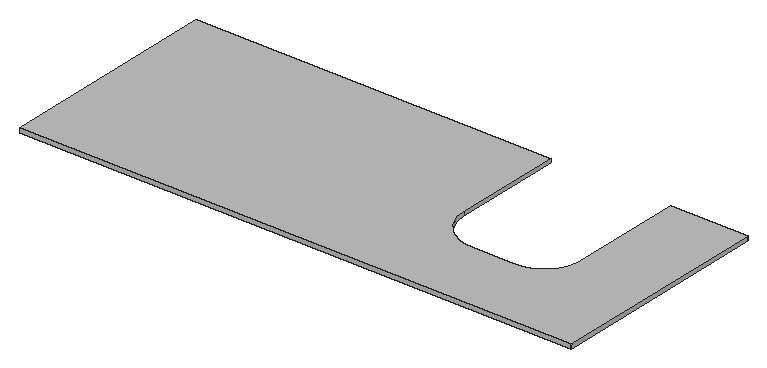
Revit family "console-hansgrohe-54206XXX-Xevolos E Console 1370_550 with cutout right for countertop basin ground 500_480", category Furniture, Revit 2019
Family settings
  OmniClass Number = 23.40.00.00
  OmniClass Title = Equipment and Furnishings
  Work Plane-Based = No
  Always vertical = Yes
  Cut with Voids When Loaded = No
  Shared = Yes
  Room Calculation Point = No
Parameters (values of type "54206-54206700-MATTE_WHITE-400")
  etim7_EC011381 = "EC011381"
  WEIGHT = "5.2"
  UNSPSC = "56 | Furniture and Furnishings"
  UNIFORMATII = "E2010 | Fixed Furnishings"
  UNICLASS_2015_CODE = "40_30_78_05"
  UNICLASS2015 = "Pr_40_20_76_94 | Vanity units"
  SURFACE = "MATTE_WHITE"
  SPECIFICATION = "https://pro.hansgrohe.com/articledetail--54206700"
  REGIONSET = "Worldwide"
  PRODUCTGROUP = "console"
  PRODUCTFAMILY = "Xevolos E"
  PERMALINK = "54206XXX"
  OMNICLASS = "23-19 31 17 11 | Bathroom Units"
  OBJECTTYPE = "Object (single object)"
  NN = "Console with cutout for countertop basin ground"
  NBSYN = "$BASENUMBER.-$ARTNR.-$SURFACE.-$LODLEVEL."
  NB = "54206-54206700-MATTE_WHITE-400"
  NAME = "Xevolos E Console 1370/550 with cutout right for countertop basin ground 500/480"
  Model = "54206-54206700-MATTE_WHITE-400"
  Manufacturer = "Hansgrohe"
  MIdent = "{$CADENAS_DATA/23d-libs/hansgrohe/xevolos_furniture/xevolos_console_cutout_for_countertop_basin_ground/console_with_cutout_for_countertop_basinground.prj},249 {VTYP=3D},{NB=54206-54206700-MATTE_WHITE-400},{LINA=54206-54206700-MATTE_WHITE-400},{NN=Console with cutout for countertop basin ground},{DATE=13.03.2023 11:42:46},{GEOMDATE=12.03.2023 06:46:48},{VERSION=},{LINEID=40},{WBVAR=LODLEVEL},{WBNUMERIC=}  {NB=54206-54206700-MATTE_WHITE-400},{LINA=54206-54206700-MATTE_WHITE-400},{KT=DUMMY},{IDNR=4},{ARTNR=54206700},{BASENUMBER=54206},{MODEL=54206XXX},{SURFACE=MATTE_WHITE},{L=1374},{LODLEVEL=400},{LODLEVELX='400','400','200','200'},{L1=300},{LL=1032},{NAME=Xevolos E Console 1370/550 with cutout right for countertop basin ground 500/480},{PERMALINK=54206XXX},{OBJECTTYPE=Object (single object)},{BIMOBJECT=Sanitary: Compound units},{PRODUCTFAMILY=Xevolos E},{PRODUCTGROUP=console},{WEIGHT=5.2},{DESCRIPTION=Xevolos E Console 1370/550 with cutout right for countertop basin ground 500/480},{SPECIFICATION=https://pro.hansgrohe.com/articledetail--54206700},{PRODUCTURL=0},{GTINCODE=0},{TENDERURL=0},{IFC=Furnishing element},{ETIM=EC011381 | Bathroom furniture set},{UNICLASS2015=Pr_40_20_76_94 | Vanity units},{OMNICLASS=23-19 31 17 11 | Bathroom Units},{MASTERFORMAT=12 35 30.23 | Bathroom Casework},{UNSPSC=56 | Furniture and Furnishings},{UNIFORMATII=E2010 | Fixed Furnishings},{REGIONSET=Worldwide},{DESIGN=Germany},{MANUFACTURER=Germany}"
  MASTERFORMAT = "12 35 30.23 | Bathroom Casework"
  LODLEVEL = "400"
  LL = 1032
  LINA = "54206-54206700-MATTE_WHITE-400"
  L1 = 300
  L = 1374
  IFC = "Furnishing element"
  IDNR = 4
  ETIM = "EC011381 | Bathroom furniture set"
  DESIGN = "Germany"
  CATALOG = "Hansgrohe"
  BIMOBJECT = "Sanitary: Compound units"
  BASENUMBER = "54206"
  ARTNR = "54206700"
  54206-54206780-SAND_MATT_BEIGE-400_RX0RY0RZ0TX0TY0TZ0_V = no
  54206-54206780-SAND_MATT_BEIGE-200_RX0RY0RZ0TX0TY0TZ0_V = no
  54206-54206760-SLATE_MATT_GREY-400_RX0RY0RZ0TX0TY0TZ0_V = no
  54206-54206760-SLATE_MATT_GREY-200_RX0RY0RZ0TX0TY0TZ0_V = no
  54206-54206700-MATTE_WHITE-400_RX0RY0RZ0TX0TY0TZ0_V = yes
  54206-54206700-MATTE_WHITE-200_RX0RY0RZ0TX0TY0TZ0_V = no
Types (6, lengths in mm): name | SURFACE | NB | Model | MIdent | LODLEVEL | LINA | IDNR | ARTNR | 54206-54206780-SAND_MATT_BEIGE-400_RX0RY0RZ0TX0TY0TZ0_V | 54206-54206780-SAND_MATT_BEIGE-200_RX0RY0RZ0TX0TY0TZ0_V | 54206-54206760-SLATE_MATT_GREY-400_RX0RY0RZ0TX0TY0TZ0_V | 54206-54206760-SLATE_MATT_GREY-200_RX0RY0RZ0TX0TY0TZ0_V | 54206-54206700-MATTE_WHITE-400_RX0RY0RZ0TX0TY0TZ0_V | 54206-54206700-MATTE_WHITE-200_RX0RY0RZ0TX0TY0TZ0_V
  54206-54206700-MATTE_WHITE-200 | "MATTE_WHITE" | "54206-54206700-MATTE_WHITE-200" | "54206-54206700-MATTE_WHITE-200" | "{$CADENAS_DATA/23d-libs/hansgrohe/xevolos_furniture/xevolos_console_cutout_for_countertop_basin_ground/console_with_cutout_for_countertop_basinground.prj},249 {VTYP=3D},{NB=54206-54206700-MATTE_WHITE-200},{LINA=54206-54206700-MATTE_WHITE-200},{NN=Console with cutout for countertop basin ground},{DATE=13.03.2023 11:42:46},{GEOMDATE=12.03.2023 06:46:48},{VERSION=},{LINEID=40},{WBVAR=LODLEVEL},{WBNUMERIC=}  {NB=54206-54206700-MATTE_WHITE-200},{LINA=54206-54206700-MATTE_WHITE-200},{KT=DUMMY},{IDNR=4},{ARTNR=54206700},{BASENUMBER=54206},{MODEL=54206XXX},{SURFACE=MATTE_WHITE},{L=1374},{LODLEVEL=200},{LODLEVELX='400','400','200','200'},{L1=300},{LL=1032},{NAME=Xevolos E Console 1370/550 with cutout right for countertop basin ground 500/480},{PERMALINK=54206XXX},{OBJECTTYPE=Object (single object)},{BIMOBJECT=Sanitary: Compound units},{PRODUCTFAMILY=Xevolos E},{PRODUCTGROUP=console},{WEIGHT=5.2},{DESCRIPTION=Xevolos E Console 1370/550 with cutout right for countertop basin ground 500/480},{SPECIFICATION=https://pro.hansgrohe.com/articledetail--54206700},{PRODUCTURL=0},{GTINCODE=0},{TENDERURL=0},{IFC=Furnishing element},{ETIM=EC011381 | Bathroom furniture set},{UNICLASS2015=Pr_40_20_76_94 | Vanity units},{OMNICLASS=23-19 31 17 11 | Bathroom Units},{MASTERFORMAT=12 35 30.23 | Bathroom Casework},{UNSPSC=56 | Furniture and Furnishings},{UNIFORMATII=E2010 | Fixed Furnishings},{REGIONSET=Worldwide},{DESIGN=Germany},{MANUFACTURER=Germany}" | "200" | "54206-54206700-MATTE_WHITE-200" | 4 | "54206700" | no | no | no | no | no | yes
  54206-54206700-MATTE_WHITE-400 | "MATTE_WHITE" | "54206-54206700-MATTE_WHITE-400" | "54206-54206700-MATTE_WHITE-400" | "{$CADENAS_DATA/23d-libs/hansgrohe/xevolos_furniture/xevolos_console_cutout_for_countertop_basin_ground/console_with_cutout_for_countertop_basinground.prj},249 {VTYP=3D},{NB=54206-54206700-MATTE_WHITE-400},{LINA=54206-54206700-MATTE_WHITE-400},{NN=Console with cutout for countertop basin ground},{DATE=13.03.2023 11:42:46},{GEOMDATE=12.03.2023 06:46:48},{VERSION=},{LINEID=40},{WBVAR=LODLEVEL},{WBNUMERIC=}  {NB=54206-54206700-MATTE_WHITE-400},{LINA=54206-54206700-MATTE_WHITE-400},{KT=DUMMY},{IDNR=4},{ARTNR=54206700},{BASENUMBER=54206},{MODEL=54206XXX},{SURFACE=MATTE_WHITE},{L=1374},{LODLEVEL=400},{LODLEVELX='400','400','200','200'},{L1=300},{LL=1032},{NAME=Xevolos E Console 1370/550 with cutout right for countertop basin ground 500/480},{PERMALINK=54206XXX},{OBJECTTYPE=Object (single object)},{BIMOBJECT=Sanitary: Compound units},{PRODUCTFAMILY=Xevolos E},{PRODUCTGROUP=console},{WEIGHT=5.2},{DESCRIPTION=Xevolos E Console 1370/550 with cutout right for countertop basin ground 500/480},{SPECIFICATION=https://pro.hansgrohe.com/articledetail--54206700},{PRODUCTURL=0},{GTINCODE=0},{TENDERURL=0},{IFC=Furnishing element},{ETIM=EC011381 | Bathroom furniture set},{UNICLASS2015=Pr_40_20_76_94 | Vanity units},{OMNICLASS=23-19 31 17 11 | Bathroom Units},{MASTERFORMAT=12 35 30.23 | Bathroom Casework},{UNSPSC=56 | Furniture and Furnishings},{UNIFORMATII=E2010 | Fixed Furnishings},{REGIONSET=Worldwide},{DESIGN=Germany},{MANUFACTURER=Germany}" | "400" | "54206-54206700-MATTE_WHITE-400" | 4 | "54206700" | no | no | no | no | yes | no
  54206-54206760-SLATE_MATT_GREY-200 | "SLATE_MATT_GREY" | "54206-54206760-SLATE_MATT_GREY-200" | "54206-54206760-SLATE_MATT_GREY-200" | "{$CADENAS_DATA/23d-libs/hansgrohe/xevolos_furniture/xevolos_console_cutout_for_countertop_basin_ground/console_with_cutout_for_countertop_basinground.prj},257 {VTYP=3D},{NB=54206-54206760-SLATE_MATT_GREY-200},{LINA=54206-54206760-SLATE_MATT_GREY-200},{NN=Console with cutout for countertop basin ground},{DATE=13.03.2023 11:42:46},{GEOMDATE=12.03.2023 06:46:48},{VERSION=},{LINEID=50},{WBVAR=LODLEVEL},{WBNUMERIC=}  {NB=54206-54206760-SLATE_MATT_GREY-200},{LINA=54206-54206760-SLATE_MATT_GREY-200},{KT=DUMMY},{IDNR=5},{ARTNR=54206760},{BASENUMBER=54206},{MODEL=54206XXX},{SURFACE=SLATE_MATT_GREY},{L=1374},{LODLEVEL=200},{LODLEVELX='400','400','200','200'},{L1=300},{LL=1032},{NAME=Xevolos E Console 1370/550 with cutout right for countertop basin ground 500/480},{PERMALINK=54206XXX},{OBJECTTYPE=Object (single object)},{BIMOBJECT=Sanitary: Compound units},{PRODUCTFAMILY=Xevolos E},{PRODUCTGROUP=console},{WEIGHT=5.2},{DESCRIPTION=Xevolos E Console 1370/550 with cutout right for countertop basin ground 500/480},{SPECIFICATION=https://pro.hansgrohe.com/articledetail--54206700},{PRODUCTURL=0},{GTINCODE=0},{TENDERURL=0},{IFC=Furnishing element},{ETIM=EC011381 | Bathroom furniture set},{UNICLASS2015=Pr_40_20_76_94 | Vanity units},{OMNICLASS=23-19 31 17 11 | Bathroom Units},{MASTERFORMAT=12 35 30.23 | Bathroom Casework},{UNSPSC=56 | Furniture and Furnishings},{UNIFORMATII=E2010 | Fixed Furnishings},{REGIONSET=Worldwide},{DESIGN=Germany},{MANUFACTURER=Germany}" | "200" | "54206-54206760-SLATE_MATT_GREY-200" | 5 | "54206760" | no | no | no | yes | no | no
  54206-54206760-SLATE_MATT_GREY-400 | "SLATE_MATT_GREY" | "54206-54206760-SLATE_MATT_GREY-400" | "54206-54206760-SLATE_MATT_GREY-400" | "{$CADENAS_DATA/23d-libs/hansgrohe/xevolos_furniture/xevolos_console_cutout_for_countertop_basin_ground/console_with_cutout_for_countertop_basinground.prj},257 {VTYP=3D},{NB=54206-54206760-SLATE_MATT_GREY-400},{LINA=54206-54206760-SLATE_MATT_GREY-400},{NN=Console with cutout for countertop basin ground},{DATE=13.03.2023 11:42:46},{GEOMDATE=12.03.2023 06:46:48},{VERSION=},{LINEID=50},{WBVAR=LODLEVEL},{WBNUMERIC=}  {NB=54206-54206760-SLATE_MATT_GREY-400},{LINA=54206-54206760-SLATE_MATT_GREY-400},{KT=DUMMY},{IDNR=5},{ARTNR=54206760},{BASENUMBER=54206},{MODEL=54206XXX},{SURFACE=SLATE_MATT_GREY},{L=1374},{LODLEVEL=400},{LODLEVELX='400','400','200','200'},{L1=300},{LL=1032},{NAME=Xevolos E Console 1370/550 with cutout right for countertop basin ground 500/480},{PERMALINK=54206XXX},{OBJECTTYPE=Object (single object)},{BIMOBJECT=Sanitary: Compound units},{PRODUCTFAMILY=Xevolos E},{PRODUCTGROUP=console},{WEIGHT=5.2},{DESCRIPTION=Xevolos E Console 1370/550 with cutout right for countertop basin ground 500/480},{SPECIFICATION=https://pro.hansgrohe.com/articledetail--54206700},{PRODUCTURL=0},{GTINCODE=0},{TENDERURL=0},{IFC=Furnishing element},{ETIM=EC011381 | Bathroom furniture set},{UNICLASS2015=Pr_40_20_76_94 | Vanity units},{OMNICLASS=23-19 31 17 11 | Bathroom Units},{MASTERFORMAT=12 35 30.23 | Bathroom Casework},{UNSPSC=56 | Furniture and Furnishings},{UNIFORMATII=E2010 | Fixed Furnishings},{REGIONSET=Worldwide},{DESIGN=Germany},{MANUFACTURER=Germany}" | "400" | "54206-54206760-SLATE_MATT_GREY-400" | 5 | "54206760" | no | no | yes | no | no | no
  54206-54206780-SAND_MATT_BEIGE-200 | "SAND_MATT_BEIGE" | "54206-54206780-SAND_MATT_BEIGE-200" | "54206-54206780-SAND_MATT_BEIGE-200" | "{$CADENAS_DATA/23d-libs/hansgrohe/xevolos_furniture/xevolos_console_cutout_for_countertop_basin_ground/console_with_cutout_for_countertop_basinground.prj},257 {VTYP=3D},{NB=54206-54206780-SAND_MATT_BEIGE-200},{LINA=54206-54206780-SAND_MATT_BEIGE-200},{NN=Console with cutout for countertop basin ground},{DATE=13.03.2023 11:42:46},{GEOMDATE=12.03.2023 06:46:48},{VERSION=},{LINEID=60},{WBVAR=LODLEVEL},{WBNUMERIC=}  {NB=54206-54206780-SAND_MATT_BEIGE-200},{LINA=54206-54206780-SAND_MATT_BEIGE-200},{KT=DUMMY},{IDNR=6},{ARTNR=54206780},{BASENUMBER=54206},{MODEL=54206XXX},{SURFACE=SAND_MATT_BEIGE},{L=1374},{LODLEVEL=200},{LODLEVELX='400','400','200','200'},{L1=300},{LL=1032},{NAME=Xevolos E Console 1370/550 with cutout right for countertop basin ground 500/480},{PERMALINK=54206XXX},{OBJECTTYPE=Object (single object)},{BIMOBJECT=Sanitary: Compound units},{PRODUCTFAMILY=Xevolos E},{PRODUCTGROUP=console},{WEIGHT=5.2},{DESCRIPTION=Xevolos E Console 1370/550 with cutout right for countertop basin ground 500/480},{SPECIFICATION=https://pro.hansgrohe.com/articledetail--54206700},{PRODUCTURL=0},{GTINCODE=0},{TENDERURL=0},{IFC=Furnishing element},{ETIM=EC011381 | Bathroom furniture set},{UNICLASS2015=Pr_40_20_76_94 | Vanity units},{OMNICLASS=23-19 31 17 11 | Bathroom Units},{MASTERFORMAT=12 35 30.23 | Bathroom Casework},{UNSPSC=56 | Furniture and Furnishings},{UNIFORMATII=E2010 | Fixed Furnishings},{REGIONSET=Worldwide},{DESIGN=Germany},{MANUFACTURER=Germany}" | "200" | "54206-54206780-SAND_MATT_BEIGE-200" | 6 | "54206780" | no | yes | no | no | no | no
  54206-54206780-SAND_MATT_BEIGE-400 | "SAND_MATT_BEIGE" | "54206-54206780-SAND_MATT_BEIGE-400" | "54206-54206780-SAND_MATT_BEIGE-400" | "{$CADENAS_DATA/23d-libs/hansgrohe/xevolos_furniture/xevolos_console_cutout_for_countertop_basin_ground/console_with_cutout_for_countertop_basinground.prj},257 {VTYP=3D},{NB=54206-54206780-SAND_MATT_BEIGE-400},{LINA=54206-54206780-SAND_MATT_BEIGE-400},{NN=Console with cutout for countertop basin ground},{DATE=13.03.2023 11:42:46},{GEOMDATE=12.03.2023 06:46:48},{VERSION=},{LINEID=60},{WBVAR=LODLEVEL},{WBNUMERIC=}  {NB=54206-54206780-SAND_MATT_BEIGE-400},{LINA=54206-54206780-SAND_MATT_BEIGE-400},{KT=DUMMY},{IDNR=6},{ARTNR=54206780},{BASENUMBER=54206},{MODEL=54206XXX},{SURFACE=SAND_MATT_BEIGE},{L=1374},{LODLEVEL=400},{LODLEVELX='400','400','200','200'},{L1=300},{LL=1032},{NAME=Xevolos E Console 1370/550 with cutout right for countertop basin ground 500/480},{PERMALINK=54206XXX},{OBJECTTYPE=Object (single object)},{BIMOBJECT=Sanitary: Compound units},{PRODUCTFAMILY=Xevolos E},{PRODUCTGROUP=console},{WEIGHT=5.2},{DESCRIPTION=Xevolos E Console 1370/550 with cutout right for countertop basin ground 500/480},{SPECIFICATION=https://pro.hansgrohe.com/articledetail--54206700},{PRODUCTURL=0},{GTINCODE=0},{TENDERURL=0},{IFC=Furnishing element},{ETIM=EC011381 | Bathroom furniture set},{UNICLASS2015=Pr_40_20_76_94 | Vanity units},{OMNICLASS=23-19 31 17 11 | Bathroom Units},{MASTERFORMAT=12 35 30.23 | Bathroom Casework},{UNSPSC=56 | Furniture and Furnishings},{UNIFORMATII=E2010 | Fixed Furnishings},{REGIONSET=Worldwide},{DESIGN=Germany},{MANUFACTURER=Germany}" | "400" | "54206-54206780-SAND_MATT_BEIGE-400" | 6 | "54206780" | yes | no | no | no | no | no
Reference planes
  plane 1 "Center (Front/Back)": y = 0
  plane 2: z = 0
  plane 3 "Center (Left/Right)": x = 0
Dimensions and locks
  aligned and locked: level to plane 2
Nested families
  nested 1: "54206-54206700-matte_white-200_content" at (0, 0, 0), visible <- "54206-54206700-MATTE_WHITE-200_RX0RY0RZ0TX0TY0TZ0_V", ContentVisible <- "54206-54206700-MATTE_WHITE-200_RX0RY0RZ0TX0TY0TZ0_V", type "54206-54206700-MATTE_WHITE-200_Content"
    with ContentVisible no
  nested 2: "54206-54206700-matte_white-400_content" at (0, 0, 0), visible <- "54206-54206700-MATTE_WHITE-400_RX0RY0RZ0TX0TY0TZ0_V", ContentVisible <- "54206-54206700-MATTE_WHITE-400_RX0RY0RZ0TX0TY0TZ0_V", type "54206-54206700-MATTE_WHITE-400_Content"
    with ContentVisible yes
  nested 3: "54206-54206760-slate_matt_grey-200_content" at (0, 0, 0), visible <- "54206-54206760-SLATE_MATT_GREY-200_RX0RY0RZ0TX0TY0TZ0_V", ContentVisible <- "54206-54206760-SLATE_MATT_GREY-200_RX0RY0RZ0TX0TY0TZ0_V", type "54206-54206760-SLATE_MATT_GREY-200_Content"
    with ContentVisible no
  nested 4: "54206-54206760-slate_matt_grey-400_content" at (0, 0, 0), visible <- "54206-54206760-SLATE_MATT_GREY-400_RX0RY0RZ0TX0TY0TZ0_V", ContentVisible <- "54206-54206760-SLATE_MATT_GREY-400_RX0RY0RZ0TX0TY0TZ0_V", type "54206-54206760-SLATE_MATT_GREY-400_Content"
    with ContentVisible no
  nested 5: "54206-54206780-sand_matt_beige-200_content" at (0, 0, 0), visible <- "54206-54206780-SAND_MATT_BEIGE-200_RX0RY0RZ0TX0TY0TZ0_V", ContentVisible <- "54206-54206780-SAND_MATT_BEIGE-200_RX0RY0RZ0TX0TY0TZ0_V", type "54206-54206780-SAND_MATT_BEIGE-200_Content"
    with ContentVisible no
  nested 6: "54206-54206780-sand_matt_beige-400_content" at (0, 0, 0), visible <- "54206-54206780-SAND_MATT_BEIGE-400_RX0RY0RZ0TX0TY0TZ0_V", ContentVisible <- "54206-54206780-SAND_MATT_BEIGE-400_RX0RY0RZ0TX0TY0TZ0_V", type "54206-54206780-SAND_MATT_BEIGE-400_Content"
    with ContentVisible no
Definition of nested family "54206-54206700-matte_white-400_content"
  Parameters (values of type "54206-54206700-MATTE_WHITE-400_Content")
    etim7_EC011381 = "EC011381"
    WEIGHT = "5.2"
    UNSPSC = "56 | Furniture and Furnishings"
    UNIFORMATII = "E2010 | Fixed Furnishings"
    UNICLASS_2015_CODE = "40_30_78_05"
    UNICLASS2015 = "Pr_40_20_76_94 | Vanity units"
    SURFACE = "MATTE_WHITE"
    SPECIFICATION = "https://pro.hansgrohe.com/articledetail--54206700"
    REGIONSET = "Worldwide"
    PRODUCTGROUP = "console"
    PRODUCTFAMILY = "Xevolos E"
    PERMALINK = "54206XXX"
    OMNICLASS = "23-19 31 17 11 | Bathroom Units"
    OBJECTTYPE = "Object (single object)"
    NN = "Console with cutout for countertop basin ground"
    NBSYN = "$BASENUMBER.-$ARTNR.-$SURFACE.-$LODLEVEL."
    NB = "54206-54206700-MATTE_WHITE-400"
    NAME = "Xevolos E Console 1370/550 with cutout right for countertop basin ground 500/480"
    Model = "54206-54206700-MATTE_WHITE-400"
    Manufacturer = "Hansgrohe"
    MASTERFORMAT = "12 35 30.23 | Bathroom Casework"
    LODLEVEL = "400"
    LL = 1032
    LINA = "54206-54206700-MATTE_WHITE-400"
    L1 = 300
    L = 1374
    IFC = "Furnishing element"
    IDNR = 4
    ETIM = "EC011381 | Bathroom furniture set"
    Default Elevation = 1219.2 mm
    DESIGN = "Germany"
    ContentVisible [instance] = yes
    CATALOG = "Hansgrohe"
    BIMOBJECT = "Sanitary: Compound units"
    BASENUMBER = "54206"
    ARTNR = "54206700"
  Reference planes
    plane 1 "Center (Front/Back)": y = 0
    plane 2: z = 0
    plane 3 "Center (Left/Right)": x = 0
  Forms (mm)
    Extrusion 1, solid, visible <- "ContentVisible", detail levels medium+fine
      sketch origin (0, 0, 0) x (1, 0, 0) y (0, 1, 0)
        loop
          line (-1032, -1.5) -> (-1032, -548.5)
          arc (-1032, -548.5) -> (-1031.561, -549.561) -> (-1030.5, -550) r 1.5
          line (-1030.5, -550) -> (340.5, -550)
          arc (340.5, -550) -> (341.561, -549.561) -> (342, -548.5) r 1.5
          line (342, -548.5) -> (342, -1.5)
          arc (342, -1.5) -> (341.561, -0.439) -> (340.5, 0) r 1.5
          line (340.5, 0) -> (150, 0) -> (150, -270)
          arc (150, -270) -> (120.711, -340.711) -> (50, -370) r 100
          line (50, -370) -> (-50, -370)
          arc (-50, -370) -> (-120.711, -340.711) -> (-150, -270) r 100
          line (-150, -270) -> (-150, 0) -> (-1030.5, 0)
          arc (-1030.5, 0) -> (-1031.561, -0.439) -> (-1032, -1.5) r 1.5
      from 0 to 10
    Extrusion 2, solid, visible <- "ContentVisible", detail levels coarse
      sketch origin (-345, -275, 0) x (1, 0, 0) y (0, 1, 0)
        loop
          line (-687, -275) -> (687, -275) -> (687, 275) -> (-687, 275) -> (-687, -275)
      from 0 to 10
  Dimensions and locks
    aligned and locked: level to plane 2
Definition of nested family "54206-54206700-matte_white-200_content"
  Parameters (values of type "54206-54206700-MATTE_WHITE-200_Content")
    etim7_EC011381 = "EC011381"
    WEIGHT = "5.2"
    UNSPSC = "56 | Furniture and Furnishings"
    UNIFORMATII = "E2010 | Fixed Furnishings"
    UNICLASS_2015_CODE = "40_30_78_05"
    UNICLASS2015 = "Pr_40_20_76_94 | Vanity units"
    SURFACE = "MATTE_WHITE"
    SPECIFICATION = "https://pro.hansgrohe.com/articledetail--54206700"
    REGIONSET = "Worldwide"
    PRODUCTGROUP = "console"
    PRODUCTFAMILY = "Xevolos E"
    PERMALINK = "54206XXX"
    OMNICLASS = "23-19 31 17 11 | Bathroom Units"
    OBJECTTYPE = "Object (single object)"
    NN = "Console with cutout for countertop basin ground"
    NBSYN = "$BASENUMBER.-$ARTNR.-$SURFACE.-$LODLEVEL."
    NB = "54206-54206700-MATTE_WHITE-200"
    NAME = "Xevolos E Console 1370/550 with cutout right for countertop basin ground 500/480"
    Model = "54206-54206700-MATTE_WHITE-200"
    Manufacturer = "Hansgrohe"
    MASTERFORMAT = "12 35 30.23 | Bathroom Casework"
    LODLEVEL = "200"
    LL = 1032
    LINA = "54206-54206700-MATTE_WHITE-200"
    L1 = 300
    L = 1374
    IFC = "Furnishing element"
    IDNR = 4
    ETIM = "EC011381 | Bathroom furniture set"
    Default Elevation = 1219.2 mm
    DESIGN = "Germany"
    ContentVisible [instance] = yes
    CATALOG = "Hansgrohe"
    BIMOBJECT = "Sanitary: Compound units"
    BASENUMBER = "54206"
    ARTNR = "54206700"
  Reference planes
    plane 1 "Center (Front/Back)": y = 0
    plane 2: z = 0
    plane 3 "Center (Left/Right)": x = 0
  Forms (mm)
    Extrusion 1, solid, visible <- "ContentVisible", detail levels medium+fine
      sketch origin (0, 0, 0) x (1, 0, 0) y (0, 1, 0)
        loop
          line (-1032, 0) -> (-1032, -550) -> (342, -550) -> (342, 0) -> (150, 0) -> (150, -460) -> (-150, -460) -> (-150, 0) -> (-1032, 0)
      from 0 to 10
    Extrusion 2, solid, visible <- "ContentVisible", detail levels coarse
      sketch origin (-345, -275, 0) x (1, 0, 0) y (0, 1, 0)
        loop
          line (-687, -275) -> (687, -275) -> (687, 275) -> (-687, 275) -> (-687, -275)
      from 0 to 10
  Dimensions and locks
    aligned and locked: level to plane 2
Definition of nested family "54206-54206760-slate_matt_grey-200_content"
  Parameters (values of type "54206-54206760-SLATE_MATT_GREY-200_Content")
    etim7_EC011381 = "EC011381"
    WEIGHT = "5.2"
    UNSPSC = "56 | Furniture and Furnishings"
    UNIFORMATII = "E2010 | Fixed Furnishings"
    UNICLASS_2015_CODE = "40_30_78_05"
    UNICLASS2015 = "Pr_40_20_76_94 | Vanity units"
    SURFACE = "SLATE_MATT_GREY"
    SPECIFICATION = "https://pro.hansgrohe.com/articledetail--54206700"
    REGIONSET = "Worldwide"
    PRODUCTGROUP = "console"
    PRODUCTFAMILY = "Xevolos E"
    PERMALINK = "54206XXX"
    OMNICLASS = "23-19 31 17 11 | Bathroom Units"
    OBJECTTYPE = "Object (single object)"
    NN = "Console with cutout for countertop basin ground"
    NBSYN = "$BASENUMBER.-$ARTNR.-$SURFACE.-$LODLEVEL."
    NB = "54206-54206760-SLATE_MATT_GREY-200"
    NAME = "Xevolos E Console 1370/550 with cutout right for countertop basin ground 500/480"
    Model = "54206-54206760-SLATE_MATT_GREY-200"
    Manufacturer = "Hansgrohe"
    MASTERFORMAT = "12 35 30.23 | Bathroom Casework"
    LODLEVEL = "200"
    LL = 1032
    LINA = "54206-54206760-SLATE_MATT_GREY-200"
    L1 = 300
    L = 1374
    IFC = "Furnishing element"
    IDNR = 5
    ETIM = "EC011381 | Bathroom furniture set"
    Default Elevation = 1219.2 mm
    DESIGN = "Germany"
    ContentVisible [instance] = yes
    CATALOG = "Hansgrohe"
    BIMOBJECT = "Sanitary: Compound units"
    BASENUMBER = "54206"
    ARTNR = "54206760"
  Reference planes
    plane 1 "Center (Front/Back)": y = 0
    plane 2: z = 0
    plane 3 "Center (Left/Right)": x = 0
  Forms (mm)
    Extrusion 1, solid, visible <- "ContentVisible", detail levels medium+fine
      sketch origin (0, 0, 0) x (1, 0, 0) y (0, 1, 0)
        loop
          line (-1032, 0) -> (-1032, -550) -> (342, -550) -> (342, 0) -> (150, 0) -> (150, -460) -> (-150, -460) -> (-150, 0) -> (-1032, 0)
      from 0 to 10
    Extrusion 2, solid, visible <- "ContentVisible", detail levels coarse
      sketch origin (-345, -275, 0) x (1, 0, 0) y (0, 1, 0)
        loop
          line (-687, -275) -> (687, -275) -> (687, 275) -> (-687, 275) -> (-687, -275)
      from 0 to 10
  Dimensions and locks
    aligned and locked: level to plane 2
Definition of nested family "54206-54206760-slate_matt_grey-400_content"
  Parameters (values of type "54206-54206760-SLATE_MATT_GREY-400_Content")
    etim7_EC011381 = "EC011381"
    WEIGHT = "5.2"
    UNSPSC = "56 | Furniture and Furnishings"
    UNIFORMATII = "E2010 | Fixed Furnishings"
    UNICLASS_2015_CODE = "40_30_78_05"
    UNICLASS2015 = "Pr_40_20_76_94 | Vanity units"
    SURFACE = "SLATE_MATT_GREY"
    SPECIFICATION = "https://pro.hansgrohe.com/articledetail--54206700"
    REGIONSET = "Worldwide"
    PRODUCTGROUP = "console"
    PRODUCTFAMILY = "Xevolos E"
    PERMALINK = "54206XXX"
    OMNICLASS = "23-19 31 17 11 | Bathroom Units"
    OBJECTTYPE = "Object (single object)"
    NN = "Console with cutout for countertop basin ground"
    NBSYN = "$BASENUMBER.-$ARTNR.-$SURFACE.-$LODLEVEL."
    NB = "54206-54206760-SLATE_MATT_GREY-400"
    NAME = "Xevolos E Console 1370/550 with cutout right for countertop basin ground 500/480"
    Model = "54206-54206760-SLATE_MATT_GREY-400"
    Manufacturer = "Hansgrohe"
    MASTERFORMAT = "12 35 30.23 | Bathroom Casework"
    LODLEVEL = "400"
    LL = 1032
    LINA = "54206-54206760-SLATE_MATT_GREY-400"
    L1 = 300
    L = 1374
    IFC = "Furnishing element"
    IDNR = 5
    ETIM = "EC011381 | Bathroom furniture set"
    Default Elevation = 1219.2 mm
    DESIGN = "Germany"
    ContentVisible [instance] = yes
    CATALOG = "Hansgrohe"
    BIMOBJECT = "Sanitary: Compound units"
    BASENUMBER = "54206"
    ARTNR = "54206760"
  Reference planes
    plane 1 "Center (Front/Back)": y = 0
    plane 2: z = 0
    plane 3 "Center (Left/Right)": x = 0
  Forms (mm)
    Extrusion 1, solid, visible <- "ContentVisible", detail levels medium+fine
      sketch origin (0, 0, 0) x (1, 0, 0) y (0, 1, 0)
        loop
          line (-1032, -1.5) -> (-1032, -548.5)
          arc (-1032, -548.5) -> (-1031.561, -549.561) -> (-1030.5, -550) r 1.5
          line (-1030.5, -550) -> (340.5, -550)
          arc (340.5, -550) -> (341.561, -549.561) -> (342, -548.5) r 1.5
          line (342, -548.5) -> (342, -1.5)
          arc (342, -1.5) -> (341.561, -0.439) -> (340.5, 0) r 1.5
          line (340.5, 0) -> (150, 0) -> (150, -270)
          arc (150, -270) -> (120.711, -340.711) -> (50, -370) r 100
          line (50, -370) -> (-50, -370)
          arc (-50, -370) -> (-120.711, -340.711) -> (-150, -270) r 100
          line (-150, -270) -> (-150, 0) -> (-1030.5, 0)
          arc (-1030.5, 0) -> (-1031.561, -0.439) -> (-1032, -1.5) r 1.5
      from 0 to 10
    Extrusion 2, solid, visible <- "ContentVisible", detail levels coarse
      sketch origin (-345, -275, 0) x (1, 0, 0) y (0, 1, 0)
        loop
          line (-687, -275) -> (687, -275) -> (687, 275) -> (-687, 275) -> (-687, -275)
      from 0 to 10
  Dimensions and locks
    aligned and locked: level to plane 2
Definition of nested family "54206-54206780-sand_matt_beige-200_content"
  Parameters (values of type "54206-54206780-SAND_MATT_BEIGE-200_Content")
    etim7_EC011381 = "EC011381"
    WEIGHT = "5.2"
    UNSPSC = "56 | Furniture and Furnishings"
    UNIFORMATII = "E2010 | Fixed Furnishings"
    UNICLASS_2015_CODE = "40_30_78_05"
    UNICLASS2015 = "Pr_40_20_76_94 | Vanity units"
    SURFACE = "SAND_MATT_BEIGE"
    SPECIFICATION = "https://pro.hansgrohe.com/articledetail--54206700"
    REGIONSET = "Worldwide"
    PRODUCTGROUP = "console"
    PRODUCTFAMILY = "Xevolos E"
    PERMALINK = "54206XXX"
    OMNICLASS = "23-19 31 17 11 | Bathroom Units"
    OBJECTTYPE = "Object (single object)"
    NN = "Console with cutout for countertop basin ground"
    NBSYN = "$BASENUMBER.-$ARTNR.-$SURFACE.-$LODLEVEL."
    NB = "54206-54206780-SAND_MATT_BEIGE-200"
    NAME = "Xevolos E Console 1370/550 with cutout right for countertop basin ground 500/480"
    Model = "54206-54206780-SAND_MATT_BEIGE-200"
    Manufacturer = "Hansgrohe"
    MASTERFORMAT = "12 35 30.23 | Bathroom Casework"
    LODLEVEL = "200"
    LL = 1032
    LINA = "54206-54206780-SAND_MATT_BEIGE-200"
    L1 = 300
    L = 1374
    IFC = "Furnishing element"
    IDNR = 6
    ETIM = "EC011381 | Bathroom furniture set"
    Default Elevation = 1219.2 mm
    DESIGN = "Germany"
    ContentVisible [instance] = yes
    CATALOG = "Hansgrohe"
    BIMOBJECT = "Sanitary: Compound units"
    BASENUMBER = "54206"
    ARTNR = "54206780"
  Reference planes
    plane 1 "Center (Front/Back)": y = 0
    plane 2: z = 0
    plane 3 "Center (Left/Right)": x = 0
  Forms (mm)
    Extrusion 1, solid, visible <- "ContentVisible", detail levels medium+fine
      sketch origin (0, 0, 0) x (1, 0, 0) y (0, 1, 0)
        loop
          line (-1032, 0) -> (-1032, -550) -> (342, -550) -> (342, 0) -> (150, 0) -> (150, -460) -> (-150, -460) -> (-150, 0) -> (-1032, 0)
      from 0 to 10
    Extrusion 2, solid, visible <- "ContentVisible", detail levels coarse
      sketch origin (-345, -275, 0) x (1, 0, 0) y (0, 1, 0)
        loop
          line (-687, -275) -> (687, -275) -> (687, 275) -> (-687, 275) -> (-687, -275)
      from 0 to 10
  Dimensions and locks
    aligned and locked: level to plane 2
Definition of nested family "54206-54206780-sand_matt_beige-400_content"
  Parameters (values of type "54206-54206780-SAND_MATT_BEIGE-400_Content")
    etim7_EC011381 = "EC011381"
    WEIGHT = "5.2"
    UNSPSC = "56 | Furniture and Furnishings"
    UNIFORMATII = "E2010 | Fixed Furnishings"
    UNICLASS_2015_CODE = "40_30_78_05"
    UNICLASS2015 = "Pr_40_20_76_94 | Vanity units"
    SURFACE = "SAND_MATT_BEIGE"
    SPECIFICATION = "https://pro.hansgrohe.com/articledetail--54206700"
    REGIONSET = "Worldwide"
    PRODUCTGROUP = "console"
    PRODUCTFAMILY = "Xevolos E"
    PERMALINK = "54206XXX"
    OMNICLASS = "23-19 31 17 11 | Bathroom Units"
    OBJECTTYPE = "Object (single object)"
    NN = "Console with cutout for countertop basin ground"
    NBSYN = "$BASENUMBER.-$ARTNR.-$SURFACE.-$LODLEVEL."
    NB = "54206-54206780-SAND_MATT_BEIGE-400"
    NAME = "Xevolos E Console 1370/550 with cutout right for countertop basin ground 500/480"
    Model = "54206-54206780-SAND_MATT_BEIGE-400"
    Manufacturer = "Hansgrohe"
    MASTERFORMAT = "12 35 30.23 | Bathroom Casework"
    LODLEVEL = "400"
    LL = 1032
    LINA = "54206-54206780-SAND_MATT_BEIGE-400"
    L1 = 300
    L = 1374
    IFC = "Furnishing element"
    IDNR = 6
    ETIM = "EC011381 | Bathroom furniture set"
    Default Elevation = 1219.2 mm
    DESIGN = "Germany"
    ContentVisible [instance] = yes
    CATALOG = "Hansgrohe"
    BIMOBJECT = "Sanitary: Compound units"
    BASENUMBER = "54206"
    ARTNR = "54206780"
  Reference planes
    plane 1 "Center (Front/Back)": y = 0
    plane 2: z = 0
    plane 3 "Center (Left/Right)": x = 0
  Forms (mm)
    Extrusion 1, solid, visible <- "ContentVisible", detail levels medium+fine
      sketch origin (0, 0, 0) x (1, 0, 0) y (0, 1, 0)
        loop
          line (-1032, -1.5) -> (-1032, -548.5)
          arc (-1032, -548.5) -> (-1031.561, -549.561) -> (-1030.5, -550) r 1.5
          line (-1030.5, -550) -> (340.5, -550)
          arc (340.5, -550) -> (341.561, -549.561) -> (342, -548.5) r 1.5
          line (342, -548.5) -> (342, -1.5)
          arc (342, -1.5) -> (341.561, -0.439) -> (340.5, 0) r 1.5
          line (340.5, 0) -> (150, 0) -> (150, -270)
          arc (150, -270) -> (120.711, -340.711) -> (50, -370) r 100
          line (50, -370) -> (-50, -370)
          arc (-50, -370) -> (-120.711, -340.711) -> (-150, -270) r 100
          line (-150, -270) -> (-150, 0) -> (-1030.5, 0)
          arc (-1030.5, 0) -> (-1031.561, -0.439) -> (-1032, -1.5) r 1.5
      from 0 to 10
    Extrusion 2, solid, visible <- "ContentVisible", detail levels coarse
      sketch origin (-345, -275, 0) x (1, 0, 0) y (0, 1, 0)
        loop
          line (-687, -275) -> (687, -275) -> (687, 275) -> (-687, 275) -> (-687, -275)
      from 0 to 10
  Dimensions and locks
    aligned and locked: level to plane 2
